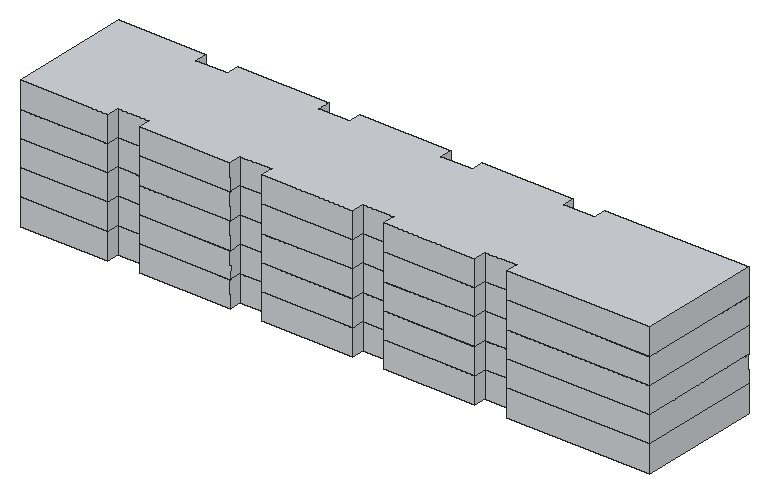
Revit family "_domx", category Generic Models, Revit 2025
Family settings
  Can host rebar = No
  Round Connector Dimension = Use Diameter
  Part Type = Normal
  Work Plane-Based = No
  Always vertical = Yes
  Cut with Voids When Loaded = No
  Maintain Annotation Orientation = No
  Shared = No
  Room Calculation Point = No
Parameters
  Q = 5
  Default Elevation = 0 mm
  B = 14000 mm
  A = 72000 mm
Reference planes
  plane 1 "Center (Front/Back)": y = 0
  plane 2: z = 0
  plane 3 "Center (Left/Right)": x = 0
  plane 4: z = 0
  plane 5: z = 3000
  plane 6: z = 6000
  plane 7: z = 9000
  plane 8: z = 12000
Forms (mm)
  Extrusion 1, solid
    sketch origin (0, 2185.48, 0) x (0, 1, 0) y (-1, 0, 0)
      loop
        line (4814.52, -19600) -> (3414.52, -19600) -> (3414.52, -16000) -> (4814.52, -16000) -> (4814.52, -5600) -> (3414.52, -5600) -> (3414.52, -2000) -> (4814.52, -2000) -> (4814.52, 8400) -> (3414.52, 8400) -> (3414.52, 12000) -> (4814.52, 12000) -> (4814.52, 22400) -> (3414.52, 22400) -> (3414.52, 26000) -> (4814.52, 26000) -> (4814.52, 36000) -> (-9185.48, 36000) -> (-9185.48, 26000) -> (-7785.48, 26000) -> (-7785.48, 22400) -> (-9185.48, 22400) -> (-9185.48, 12000) -> (-7785.48, 12000) -> (-7785.48, 8400) -> (-9185.48, 8400) -> (-9185.48, -2000) -> (-7785.48, -2000) -> (-7785.48, -5600) -> (-9185.48, -5600) -> (-9185.48, -16000) -> (-7785.48, -16000) -> (-7785.48, -19600) -> (-9185.48, -19600) -> (-9185.48, -36000) -> (4814.52, -36000) -> (4814.52, -19600)
    from 0 to 3000
  Extrusion 2, solid
    sketch origin (0, 2185.48, 3000) x (0, 1, 0) y (-1, 0, 0)
      loop
        line (4814.52, -19600) -> (3414.52, -19600) -> (3414.52, -16000) -> (4814.52, -16000) -> (4814.52, -5600) -> (3414.52, -5600) -> (3414.52, -2000) -> (4814.52, -2000) -> (4814.52, 8400) -> (3414.52, 8400) -> (3414.52, 12000) -> (4814.52, 12000) -> (4814.52, 22400) -> (3414.52, 22400) -> (3414.52, 26000) -> (4814.52, 26000) -> (4814.52, 36000) -> (-9185.48, 36000) -> (-9185.48, 26000) -> (-7785.48, 26000) -> (-7785.48, 22400) -> (-9185.48, 22400) -> (-9185.48, 12000) -> (-7785.48, 12000) -> (-7785.48, 8400) -> (-9185.48, 8400) -> (-9185.48, -2000) -> (-7785.48, -2000) -> (-7785.48, -5600) -> (-9185.48, -5600) -> (-9185.48, -16000) -> (-7785.48, -16000) -> (-7785.48, -19600) -> (-9185.48, -19600) -> (-9185.48, -36000) -> (4814.52, -36000) -> (4814.52, -19600)
    from 0 to 3000
  Extrusion 3, solid
    sketch origin (0, 2185.48, 6000) x (0, 1, 0) y (-1, 0, 0)
      loop
        line (4814.52, -19600) -> (3414.52, -19600) -> (3414.52, -16000) -> (4814.52, -16000) -> (4814.52, -5600) -> (3414.52, -5600) -> (3414.52, -2000) -> (4814.52, -2000) -> (4814.52, 8400) -> (3414.52, 8400) -> (3414.52, 12000) -> (4814.52, 12000) -> (4814.52, 22400) -> (3414.52, 22400) -> (3414.52, 26000) -> (4814.52, 26000) -> (4814.52, 36000) -> (-9185.48, 36000) -> (-9185.48, 26000) -> (-7785.48, 26000) -> (-7785.48, 22400) -> (-9185.48, 22400) -> (-9185.48, 12000) -> (-7785.48, 12000) -> (-7785.48, 8400) -> (-9185.48, 8400) -> (-9185.48, -2000) -> (-7785.48, -2000) -> (-7785.48, -5600) -> (-9185.48, -5600) -> (-9185.48, -16000) -> (-7785.48, -16000) -> (-7785.48, -19600) -> (-9185.48, -19600) -> (-9185.48, -36000) -> (4814.52, -36000) -> (4814.52, -19600)
    from 0 to 3000
  Extrusion 4, solid
    sketch origin (0, 2185.48, 9000) x (0, 1, 0) y (-1, 0, 0)
      loop
        line (4814.52, -19600) -> (3414.52, -19600) -> (3414.52, -16000) -> (4814.52, -16000) -> (4814.52, -5600) -> (3414.52, -5600) -> (3414.52, -2000) -> (4814.52, -2000) -> (4814.52, 8400) -> (3414.52, 8400) -> (3414.52, 12000) -> (4814.52, 12000) -> (4814.52, 22400) -> (3414.52, 22400) -> (3414.52, 26000) -> (4814.52, 26000) -> (4814.52, 36000) -> (-9185.48, 36000) -> (-9185.48, 26000) -> (-7785.48, 26000) -> (-7785.48, 22400) -> (-9185.48, 22400) -> (-9185.48, 12000) -> (-7785.48, 12000) -> (-7785.48, 8400) -> (-9185.48, 8400) -> (-9185.48, -2000) -> (-7785.48, -2000) -> (-7785.48, -5600) -> (-9185.48, -5600) -> (-9185.48, -16000) -> (-7785.48, -16000) -> (-7785.48, -19600) -> (-9185.48, -19600) -> (-9185.48, -36000) -> (4814.52, -36000) -> (4814.52, -19600)
    from 0 to 3000
  Extrusion 5, solid
    sketch origin (0, 2185.48, 12000) x (0, 1, 0) y (-1, 0, 0)
      loop
        line (4814.52, -19600) -> (3414.52, -19600) -> (3414.52, -16000) -> (4814.52, -16000) -> (4814.52, -5600) -> (3414.52, -5600) -> (3414.52, -2000) -> (4814.52, -2000) -> (4814.52, 8400) -> (3414.52, 8400) -> (3414.52, 12000) -> (4814.52, 12000) -> (4814.52, 22400) -> (3414.52, 22400) -> (3414.52, 26000) -> (4814.52, 26000) -> (4814.52, 36000) -> (-9185.48, 36000) -> (-9185.48, 26000) -> (-7785.48, 26000) -> (-7785.48, 22400) -> (-9185.48, 22400) -> (-9185.48, 12000) -> (-7785.48, 12000) -> (-7785.48, 8400) -> (-9185.48, 8400) -> (-9185.48, -2000) -> (-7785.48, -2000) -> (-7785.48, -5600) -> (-9185.48, -5600) -> (-9185.48, -16000) -> (-7785.48, -16000) -> (-7785.48, -19600) -> (-9185.48, -19600) -> (-9185.48, -36000) -> (4814.52, -36000) -> (4814.52, -19600)
    from 0 to 3000
Dimensions and locks
  "A": Extrusion 1 sketch curve to Extrusion 1 sketch curve
  "A": Extrusion 2 sketch curve to Extrusion 2 sketch curve
  equal spacing: group 1, group 2, group 3, group 4, group 5  (x3)
  "A": Extrusion 3 sketch curve to Extrusion 3 sketch curve
  "A": Extrusion 4 sketch curve to Extrusion 4 sketch curve
  "A": Extrusion 5 sketch curve to Extrusion 5 sketch curve
  aligned and locked: level to plane 2
Automatic sketch dimensions
  Extrusion 1 sketch curve to Extrusion 1 sketch curve = 0 mm  (x6)
  Extrusion 1 sketch curve to Extrusion 1 sketch curve = 1400 mm  (x9)
  Extrusion 1 sketch curve to Extrusion 1 sketch curve = 11200 mm  (x3)
  Extrusion 1 sketch curve to Extrusion 1 sketch curve = 16400 mm
  Extrusion 1 sketch curve to Extrusion 1 sketch curve = 3600 mm  (x8)
  Extrusion 1 sketch curve to Extrusion 1 sketch curve = 10400 mm  (x6)
  Extrusion 2 sketch curve to Extrusion 2 sketch curve = 0 mm  (x6)
  Extrusion 2 sketch curve to Extrusion 2 sketch curve = 1400 mm  (x9)
  Extrusion 2 sketch curve to Extrusion 2 sketch curve = 11200 mm  (x3)
  Extrusion 2 sketch curve to Extrusion 2 sketch curve = 16400 mm
  Extrusion 2 sketch curve to Extrusion 2 sketch curve = 3600 mm  (x8)
  Extrusion 2 sketch curve to Extrusion 2 sketch curve = 10400 mm  (x6)
  Extrusion 3 sketch curve to Extrusion 3 sketch curve = 0 mm  (x6)
  Extrusion 3 sketch curve to Extrusion 3 sketch curve = 1400 mm  (x9)
  Extrusion 3 sketch curve to Extrusion 3 sketch curve = 11200 mm  (x3)
  Extrusion 3 sketch curve to Extrusion 3 sketch curve = 16400 mm
  Extrusion 3 sketch curve to Extrusion 3 sketch curve = 3600 mm  (x8)
  Extrusion 3 sketch curve to Extrusion 3 sketch curve = 10400 mm  (x6)
  Extrusion 4 sketch curve to Extrusion 4 sketch curve = 0 mm  (x6)
  Extrusion 4 sketch curve to Extrusion 4 sketch curve = 1400 mm  (x9)
  Extrusion 4 sketch curve to Extrusion 4 sketch curve = 11200 mm  (x3)
  Extrusion 4 sketch curve to Extrusion 4 sketch curve = 16400 mm
  Extrusion 4 sketch curve to Extrusion 4 sketch curve = 3600 mm  (x8)
  Extrusion 4 sketch curve to Extrusion 4 sketch curve = 10400 mm  (x6)
  Extrusion 5 sketch curve to Extrusion 5 sketch curve = 0 mm  (x6)
  Extrusion 5 sketch curve to Extrusion 5 sketch curve = 1400 mm  (x9)
  Extrusion 5 sketch curve to Extrusion 5 sketch curve = 11200 mm  (x3)
  Extrusion 5 sketch curve to Extrusion 5 sketch curve = 16400 mm
  Extrusion 5 sketch curve to Extrusion 5 sketch curve = 3600 mm  (x8)
  Extrusion 5 sketch curve to Extrusion 5 sketch curve = 10400 mm  (x6)
